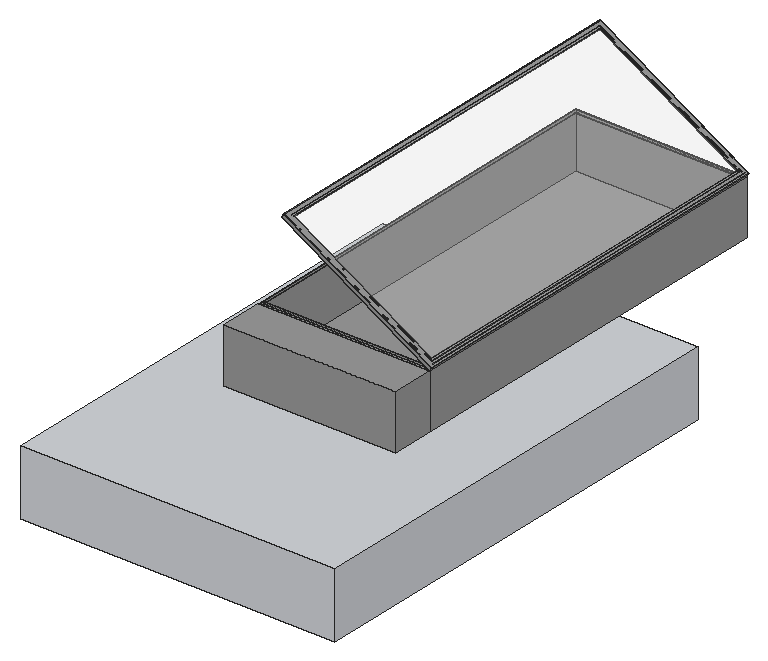
Revit family "Hager-Univers-IP55-D275-H2050-Cl.I-Steel_encl-NoHosted-CH-de", category Equipement électrique, Revit 2020
Family settings
  Hôte = Face
  Configuration du panneau = Deux colonnes, circuits au sein
  Cote de connecteur circulaire = Utiliser le diamètre
  Type d'élément = Tableau de raccordement
  Couper avec des vides une fois chargée = Non
  Partagée = Non
  Point de calcul de pièce = Non
Parameters (values of type "Bodenaufstellung IP55 B800 H2050 T275  - FR23K2")
  Width Control [instance] = if([EF000008 - Breite] > Min Width, [EF000008 - Breite], Min Width)  # 800 mm
  Commentaires du type = [HG000003 - Bereich]  # "Univers"
  Thickness Door [instance] = if([EF009171 - Materialstärke Tür/Deckel] > 3 mm, 3 mm, [EF009171 - Materialstärke Tür/Deckel])  # 1.5 mm
  Seal Frame Offset [instance] = 17 mm  # constant formula
  Plinth Visibility [instance] = [HG000027 - Sockelhöhe] > 0 mm  # yes
  Model = ""
  Min Width [instance] = 100 mm  # constant formula
  Min Height [instance] = 100 mm  # constant formula
  Min Depth [instance] = (2 * [EF009170 - Materialstärke Gehäuse]) + 1 mm  # 4 mm
  Internal Frame Depth [instance] = (Door System Depth * 0.5)  # 9 mm
  Height Control [instance] = if([EF000040 - Höhe] > Min Height, [EF000040 - Höhe], Min Height)  # 2050 mm
  HG000027 - Sockelhöhe = 200 mm
  HG000026 - Stehend auf dem Boden = yes
  HG000024 - Höhe des unteren Teils = 800 mm
  HG000023 - Gehäuse mit doppeltem Querschnitt = no
  HG000016 - 3D-Türsichtbarkeit [instance] = yes
  HG000015 - Sichtbarkeit der Türöffnung [instance] = no
  HG000014 - Tür rechts [instance] = yes
  HG000013 - Tür links [instance] = not([HG000014 - Tür rechts])  # no
  HG000012 - Türschwenkwinkel [instance] = 30.00°
  HG000010 - Asymmetrische Türen = no
  HG000009 - Doppelflügeligen Tür = no
  HG000006 - Unterputz = no
  HG000004 - Herstellerreferenz = "FR23K2"
  HG000003 - Bereich = "Univers"
  HG000002 - Mit tür = yes
  Frame Offset Bottom [instance] = 10 mm  # constant formula
  Frame Offset [instance] = 15 mm  # constant formula
  EF015940 - Deckel mit Überdruckentlastung = no
  EF011959 - Schutzart (NEMA) = ""
  EF009554 - Anzahl der Öffnungen für Flanschplatten = 6
  Fabricant = "Hager"  # constant formula
  EF009212 - Ausführung Deckel = "EV000116 - geschlossen"
  EF009171 - Materialstärke Tür/Deckel = 1.5 mm
  EF009170 - Materialstärke Gehäuse = 1.5 mm
  EF008873 - Nennstrom (In) = 800 A
  EF007800 - Geeignet für Blitzschutz = no
  EF006306 - Mit Schloss = no
  EF006244 - Transparenter Deckel/Tür = yes
  EF005474 - Schutzart (IP) = "EV006420 - IP55"
  EF004464 - Art der Tür = "EV002646 - Einzel"
  EF004427 - Anzahl der Module = 432
  EF004293 - Schlagfestigkeit = "EV008784 - IK10"
  EF003532 - Geeignet für Außengebrauch = no
  EF002950 - Breite in Teilungseinheiten = 24
  EF001613 - Funktionserhalt = "EV000494 - ohne"
  EF001596 - Werkstoff des Gehäuses = "EV000179 - Stahl"
  EF001131 - Innentiefe = 275 mm
  EF001088 - Anbaumöglichkeit = yes
  EF000437 - Anzahl der Leitungseinführungen = 6
  EF000339 - Art der Abdeckung = "EV004216 - Tür"
  EF000266 - Anzahl der Reihen = 12
  EF000218 - Einbautiefe = 0 mm
  EF000118 - Mit Montageplatte = no
  EF000116 - RAL-Nummer = "7035"
  EF000049 - Tiefe = 275 mm
  EF000040 - Höhe = 2050 mm
  EF000008 - Breite = 800 mm
  EF000007 - Farbe = "EV000270 - grau"
  EF000003 - Montageart = "EV012274 - Bodenaufstellung"
  Door System Leaf Tolerance [instance] = 1.5 mm  # constant formula
  Door System Depth [instance] = 18 mm  # constant formula
  Door Height [instance] = Height Control - [HG000027 - Sockelhöhe]  # 1850 mm
  Depth Control [instance] = if([EF000049 - Tiefe] > Min Depth, [EF000049 - Tiefe], Min Depth)  # 275 mm
  Default Elevation = 0 mm
  Connector Offset [instance] = Height Control / 2  # 1025 mm
  Bottom Top Plate Trim [instance] = 1.5 mm  # constant formula
  Plinth height Ctrl [instance] = if([HG000027 - Sockelhöhe] > 0 mm, [HG000027 - Sockelhöhe], 12 mm)  # 200 mm
Types (11, lengths in mm): name | Width Control | HG000010 - Asymmetrische Türen | HG000009 - Doppelflügeligen Tür | HG000004 - Herstellerreferenz | EF009554 - Anzahl der Öffnungen für Flanschplatten | EF006244 - Transparenter Deckel/Tür | EF004464 - Art der Tür | EF004427 - Anzahl der Module | EF000437 - Anzahl der Leitungseinführungen | EF000008 - Breite
  Bodenaufstellung IP55 B1050 H2050 T275  - FR24E2 | 1050 | yes | yes | "FR24E2" | 8 | no | "EV003602 - Doppel" | 576 | 8 | 1050
  Bodenaufstellung IP55 B1050 H2050 T275  - FR24K2 | 1050 | yes | yes | "FR24K2" | 8 | yes | "EV003602 - Doppel" | 576 | 8 | 1050
  Bodenaufstellung IP55 B1300 H2050 T275  - FR25E2 | 1300 | yes | yes | "FR25E2" | 10 | no | "EV003602 - Doppel" | 720 | 10 | 1300
  Bodenaufstellung IP55 B1300 H2050 T275  - FR25K2 | 1300 | yes | yes | "FR25K2" | 10 | yes | "EV003602 - Doppel" | 720 | 10 | 1300
  Bodenaufstellung IP55 B1550 H2050 T275  - FR26E2 | 1550 | yes | yes | "FR26E2" | 12 | no | "EV003602 - Doppel" | 864 | 12 | 1550
  Bodenaufstellung IP55 B1550 H2050 T275  - FR26K2 | 1550 | yes | yes | "FR26K2" | 12 | yes | "EV003602 - Doppel" | 864 | 12 | 1550
  Bodenaufstellung IP55 B300 H2050 T275  - FR21E2 | 300 | no | no | "FR21E2" | 2 | no | "EV002646 - Einzel" | 144 | 2 | 300
  Bodenaufstellung IP55 B550 H2050 T275  - FR22E2 | 550 | no | no | "FR22E2" | 4 | no | "EV002646 - Einzel" | 288 | 4 | 550
  Bodenaufstellung IP55 B550 H2050 T275  - FR22K2 | 550 | no | no | "FR22K2" | 4 | yes | "EV002646 - Einzel" | 288 | 4 | 550
  Bodenaufstellung IP55 B800 H2050 T275  - FR23E2 | 800 | no | no | "FR23E2" | 6 | no | "EV002646 - Einzel" | 432 | 6 | 800
  Bodenaufstellung IP55 B800 H2050 T275  - FR23K2 | 800 | no | no | "FR23K2" | 6 | yes | "EV002646 - Einzel" | 432 | 6 | 800
Reference planes
  plane 1 "Center (Front/Back)": y = 0
  plane 2: z = 0
  plane 3 "Center (Left/Right)": x = 0
  plane 4: z = 275
  plane 5: y = 201.5
  plane 6: y = 1125
  plane 7: y = 200
  plane 8: y = 2050
  plane 9: z = 0
  plane 10: x = -385
  plane 11: x = 385
  plane 12: x = 383.5
  plane 13: x = -383.5
  plane 14: y = 2048.5
  plane 15: x = -383
  plane 16: x = -400
  plane 17: x = 383
  plane 18: x = 400
  plane 19: x = 398.5
  plane 20: x = -398.5
  plane 21: y = 211.5
  plane 22: y = 2050
  plane 23: y = 2033.5
  plane 24: z = 257
  plane 25: z = 1.5
  plane 26: z = 255.5
  plane 27: z = 273.5
Forms (mm)
  Extrusion 1, solid
    sketch origin (0, 0, 0) x (1, 0, 0) y (0, 1, 0)
      loop
        line (-702.964, 1305) -> (-702.964, -811.445) -> (766.763, -811.445) -> (766.763, 1305) -> (-702.964, 1305)
    from 0 to -304.8
  Extrusion 2, solid, material "Hager_Steel_RAL7035_Light_Grey", visible <- "Plinth Visibility", detail levels medium+fine
    sketch origin (0, 0, 0) x (1, 0, 0) y (0, 1, 0)
      loop
        line (-400, 0) -> (400, 0) -> (400, 200) -> (-400, 200) -> (-400, 0)
    from 0 to 257
  Extrusion 3, solid, material "Hager_Steel_RAL7035_Light_Grey", detail levels medium+fine
    sketch origin (0, 0, 0) x (1, 0, 0) y (0, 1, 0)
      loop
        line (-400, 200) -> (400, 200) -> (400, 2050) -> (-400, 2050) -> (-400, 200)
    from 0 to 257
  Extrusion 4, void
    sketch origin (0, 0, 0) x (1, 0, 0) y (0, 1, 0)
      loop
        line (-398.5, 201.5) -> (398.5, 201.5) -> (398.5, 2048.5) -> (-398.5, 2048.5) -> (-398.5, 201.5)
    from 1.5 to 255.5
  Extrusion 5, void
    sketch origin (-381.607, -4572, 257) x (0, -1, 0) y (-1, 0, 0)
      loop
        line (-4783.5, 1.893) -> (-6605.5, 1.893) -> (-6605.5, -765.107) -> (-4783.5, -765.107) -> (-4783.5, 1.893)
    from 0 to 1.5 <- "EF009170 - Materialstärke Gehäuse"
  Extrusion 6, solid, material "Hager_Steel_RAL7035_Light_Grey", detail levels fine
    sketch origin (0, 0, 257) x (1, 0, 0) y (0, 1, 0)
      loop
        line (-383.5, 2033.5) -> (-383.5, 211.5) -> (383.5, 211.5) -> (383.5, 2033.5) -> (-383.5, 2033.5)
      loop
        line (-385, 210) -> (385, 210) -> (385, 2035) -> (-385, 2035) -> (-385, 210)
    from 0 to 9 <- "Internal Frame Depth"
  Extrusion 7, solid, material "Hager_Steel_RAL7035_Light_Grey", detail levels coarse
    sketch origin (0, 0, 0) x (1, 0, 0) y (0, 1, 0)
      loop
        line (-400, 0) -> (400, 0) -> (400, 2050) -> (-400, 2050) -> (-400, 0)
    from 0 to 275
  Sweep 8, void
    path in 3D
      loop
        line (-400, 200, 0) -> (400, 200, 0) -> (400, 200, 257) -> (-400, 200, 257) -> (-400, 200, 0)
    profile origin (-400, 200, 128.5) x (-1, 0, 0) y (0, -1, 0)
      loop
        line (0, 0) -> (0, 1.5) -> (-1.5, 1.5)
        arc (-1.5, 1.5) -> (-1.061, 0.439) -> (0, 0) r 1.5
Cuts and joins
  Extrusion 4, Extrusion 5 cuts Extrusion 3
  Sweep 8 cuts Extrusion 2
Lines and regions (mm)
  Masking region 1
    outline origin (0, 0, 0) x (1, 0, 0) y (0, 0, 1)
      loop
        line (-400, 275) -> (-400, 0) -> (400, 0) -> (400, 275) -> (-400, 275)
  Masking region 2, detail levels medium+fine
    outline origin (0, 140, 0) x (0, 1, 0) y (0, 0, 1)
      loop
        line (60, 0) -> (1910, 0) -> (1910, 257) -> (60, 257) -> (60, 0)
  Masking region 3, not visible, detail levels medium+fine
    outline origin (0, 297.922, 0) x (0, 1, 0) y (0, 0, 1)
      loop
        line (838.578, 0) -> (878.578, 0) -> (878.578, 263.5)
        arc (878.578, 263.5) -> (875.649, 270.571) -> (868.578, 273.5) r 10
        line (868.578, 273.5) -> (838.578, 273.5) -> (838.578, 0)
  Masking region 4, detail levels coarse
    outline origin (0, 0, 180) x (0, 1, 0) y (0, 0, 1)
      loop
        line (0, -180) -> (2050, -180) -> (2050, 95) -> (0, 95) -> (0, -180)
  Masking region 5, visible <- "Plinth Visibility", detail levels medium+fine
    outline origin (0, 52.24, 12.345) x (0, 0, -1) y (0, 1, 0)
      loop
        line (10.845, 147.76) -> (-243.155, 147.76)
        arc (-243.155, 147.76) -> (-243.594, 146.699) -> (-244.655, 146.26) r 1.5
        line (-244.655, 146.26) -> (-244.655, -52.24) -> (12.345, -52.24) -> (12.345, 146.26)
        arc (12.345, 146.26) -> (11.285, 146.699) -> (10.845, 147.76) r 1.5
  Masking region 6, detail levels medium+fine
    outline origin (-381.607, -4572, 257) x (-1, 0, 0) y (0, -1, 0)
      loop
        line (18.393, -6622) -> (18.393, -4772) -> (-781.607, -4772) -> (-781.607, -6622) -> (18.393, -6622)
  Masking region 7, visible <- "Plinth Visibility", detail levels medium+fine
    outline origin (-381.607, -4727, 257) x (-1, 0, 0) y (0, -1, 0)
      loop
        arc (16.893, -4927) -> (17.332, -4925.939) -> (18.393, -4925.5) r 1.5
        line (18.393, -4925.5) -> (18.393, -4727) -> (-781.607, -4727) -> (-781.607, -4925.5)
        arc (-781.607, -4925.5) -> (-780.546, -4925.939) -> (-780.107, -4927) r 1.5
        line (-780.107, -4927) -> (16.893, -4927)
  Masking region 8, detail levels coarse
    outline origin (-442.548, -4669.526, 257) x (-1, 0, 0) y (0, -1, 0)
      loop
        line (-42.548, -6719.526) -> (-42.548, -4669.526) -> (-842.548, -4669.526) -> (-842.548, -6719.526) -> (-42.548, -6719.526)
  sketch lines
    curve 1: line (-400, 200, 257) -> (-400, 200, 0)
    curve 2: line (400, 200, 257) -> (-400, 200, 257)
    curve 3: line (400, 200, 257) -> (400, 200, 0)
    curve 4: line (-400, 200, 0) -> (400, 200, 0)
Dimensions and locks
  "Depth Control": plane 4 to Extrusion 1
  "HG000027 - Sockelhöhe": plane 1 "Center (Front/Back)" to plane 7
  "EF009170 - Materialstärke Gehäuse": plane 5 to plane 7
  locked: connector elem to plane 3 "Center (Left/Right)"
  equal spacing: plane 8, plane 6, plane 7
  locked: connector elem to plane 6
  "EF009170 - Materialstärke Gehäuse": plane 8 to plane 14
  "EF009170 - Materialstärke Gehäuse": plane 10 to plane 13
  "EF009170 - Materialstärke Gehäuse": plane 12 to plane 11
  "Frame Offset": plane 20 to plane 13
  "Frame Offset": plane 12 to plane 19
  "EF009170 - Materialstärke Gehäuse": plane 16 to plane 20
  "EF009170 - Materialstärke Gehäuse": plane 19 to plane 18
  "Seal Frame Offset": plane 16 to plane 15
  "Seal Frame Offset": plane 17 to plane 18
  "Frame Offset Bottom": plane 21 to plane 5
  "Frame Offset": plane 14 to plane 23
  equal spacing: plane 16, plane 3 "Center (Left/Right)", plane 18
  "Width Control": plane 16 to plane 18
  "EF009170 - Materialstärke Gehäuse": plane 4 to plane 27
  "EF009170 - Materialstärke Gehäuse": plane 24 to plane 26
  "EF009170 - Materialstärke Gehäuse": plane 25 to level
  "Door System Depth": plane 4 to plane 24
  "Height Control": plane 1 "Center (Front/Back)" to Extrusion 7 sketch curve
  "Height Control": Masking region 4 sketch curve to plane 1 "Center (Front/Back)"
  "Height Control": plane 1 "Center (Front/Back)" to plane 22
  "Bottom Top Plate Trim": profile plane to Sweep 8 sketch curve
  "Bottom Top Plate Trim": Sweep 8 sketch curve to profile plane
  "Plinth height Ctrl": plane 1 "Center (Front/Back)" to Extrusion 2 sketch curve
  "Plinth height Ctrl": Masking region 5 sketch curve to plane 1 "Center (Front/Back)"
  "Plinth height Ctrl": plane 1 "Center (Front/Back)" to Masking region 7 sketch curve
  "Thickness Door": Extrusion 6 sketch curve to Extrusion 6 sketch curve  (x3)
  "Thickness Door": cut or joined group of Extrusion 3, Extrusion 4, Extrusion 5 to Extrusion 6 sketch curve
  radius of Masking region 3 sketch curve = 10 mm
  "Bottom Top Plate Trim": radius of Masking region 5 sketch curve  (x2)
  "Bottom Top Plate Trim": radius of Sweep 8 sketch curve
  "Bottom Top Plate Trim": radius of Masking region 7 sketch curve  (x2)
  aligned and locked: plane 2 to Extrusion 1
  aligned and locked: level to Extrusion 1
  aligned and locked: level to Masking region 1 sketch curve
  aligned and locked: Masking region 1 sketch curve to plane 18
  aligned and locked: Masking region 1 sketch curve to plane 16
  aligned and locked: plane 7 to Masking region 2 sketch curve
  aligned and locked: level to Masking region 3 sketch curve
  aligned and locked: Masking region 3 sketch curve to plane 27
  aligned and locked: level to Masking region 2 sketch curve
  aligned and locked: plane 1 "Center (Front/Back)" to Extrusion 2 sketch curve
  aligned and locked: Extrusion 3 sketch curve to plane 7
  aligned and locked: plane 16 to Extrusion 3 sketch curve
  aligned and locked: plane 18 to Extrusion 3 sketch curve
  aligned and locked: plane 20 to Extrusion 4 sketch curve
  aligned and locked: plane 19 to Extrusion 4 sketch curve
  aligned and locked: Extrusion 4 sketch curve to plane 5
  aligned and locked: Extrusion 4 to plane 25
  aligned and locked: plane 26 to Extrusion 4
  aligned and locked: plane 24 to Extrusion 3
  aligned and locked: Extrusion 5 sketch curve to plane 21
  aligned and locked: Extrusion 5 sketch curve to plane 13
  aligned and locked: Extrusion 5 sketch curve to plane 12
  aligned and locked: plane 18 to Extrusion 7 sketch curve
  aligned and locked: plane 1 "Center (Front/Back)" to Extrusion 7 sketch curve
  aligned and locked: plane 16 to Extrusion 7 sketch curve
  aligned and locked: plane 4 to Extrusion 7
  aligned and locked: Extrusion 7 to level
  aligned and locked: level to Masking region 4 sketch curve
  aligned and locked: Masking region 4 sketch curve to plane 1 "Center (Front/Back)"
  aligned and locked: Masking region 4 sketch curve to plane 4
  aligned and locked: nested 1 to level
  aligned and locked: nested 1 to plane 16
  aligned and locked: plane 8 to Extrusion 3 sketch curve
  aligned and locked: plane 23 to Extrusion 5 sketch curve
  aligned and locked: plane 14 to Extrusion 4 sketch curve
  aligned and locked: Masking region 2 sketch curve to plane 8
  aligned and locked: level to Masking region 5 sketch curve
  aligned and locked: plane 16 to Extrusion 2 sketch curve
  aligned and locked: plane 18 to Extrusion 2 sketch curve
  aligned and locked: Masking region 5 sketch curve to plane 24
  aligned and locked: Masking region 2 sketch curve to plane 24
  aligned and locked: plane 24 to Extrusion 2
  aligned and locked: profile plane to Sweep 8 sketch curve  (x2)
  aligned and locked: Masking region 6 sketch curve to plane 18
  aligned and locked: Masking region 6 sketch curve to plane 22
  aligned and locked: Masking region 6 sketch curve to plane 16
  aligned and locked: plane 8 to plane 22
  aligned and locked: Masking region 6 sketch curve to plane 7
  aligned and locked: Masking region 7 sketch curve to plane 16
  aligned and locked: Masking region 7 sketch curve to plane 1 "Center (Front/Back)"
  aligned and locked: Masking region 7 sketch curve to plane 18
  aligned and locked: Masking region 8 sketch curve to plane 1 "Center (Front/Back)"
  aligned and locked: Masking region 8 sketch curve to plane 18
  aligned and locked: Masking region 8 sketch curve to plane 22
  aligned and locked: Masking region 8 sketch curve to plane 16
  aligned and locked: nested 2 to plane 7
  aligned and locked: plane 3 "Center (Left/Right)" to nested 2
  aligned and locked: nested 2 to plane 24
  aligned and locked: Extrusion 6 sketch curve to cut or joined group of Extrusion 3, Extrusion 4, Extrusion 5  (x4)
Automatic sketch dimensions
  Extrusion 1 sketch curve to Extrusion 1 sketch curve = 1469.727 mm
  Extrusion 1 sketch curve to Extrusion 1 sketch curve = 2116.445 mm
  Masking region 1 sketch curve to plane 4 = 0 mm
  plane 6 to Masking region 3 sketch curve = 11.5 mm
  Masking region 3 sketch curve to Masking region 3 sketch curve = 30 mm
  Masking region 5 sketch curve to plane 1 "Center (Front/Back)" = 0 mm
Nested families
  nested 1: "Hager_Enclosure_Symbol" at (-400, 0, 0) x (1, 0, 0) z (0, -1, 0), Height <- "Depth Control", Width <- "Width Control", type "Hager_Enclosure_Symbol"
    with Width_Ctrl 800 mm, Width 800 mm, Height_Ctrl 275 mm, Height 275 mm, A_Width_Int 18.047 mm, A_Width 216.562 mm, A_Height_Ctrl 240.625 mm, A_Height 240.625 mm
  nested 2: "EC000058_Univers_Door" at (0, 200, 257) x (1, 0, 0) z (0, 1, 0), Leaf_Tolerance <- "Door System Leaf Tolerance", Angle <- "HG000012 - Türschwenkwinkel", Door_Depth <- "Door System Depth", Door_Left <- "HG000013 - Tür links", Transparent <- "EF006244 - Transparenter Deckel/Tür", Assymetrical <- "HG000010 - Asymmetrische Türen", Width <- "Width Control", Clearance <- "HG000015 - Sichtbarkeit der Türöffnung", Double <- "HG000009 - Doppelflügeligen Tür", 3d_Door <- "HG000016 - 3D-Türsichtbarkeit", Lock_Visibility <- "EF006306 - Mit Schloss", Width_Ctrl <- "Width Control", Door_Right <- "HG000014 - Tür rechts", Door <- "HG000002 - Mit tür", Height <- "Door Height", Thickness <- "Thickness Door", type "EC000058_Univers_Door", detail levels medium+fine
    with min_wh 4 mm, Width_Ctrl 800 mm, Width 800 mm, Transparent yes, Thickness 1.5 mm, Seal_Material Hager_Rubber, Lock_Visibility no, Lock_Material Hager_Plastic_RAL9005_Jet_Black, Leaf_Width 800 mm, Leaf_Tolerance_External_Sides 0 mm, Leaf_Tolerance 1.5 mm, Leaf_Offset 0 mm, Leaf_Height 1847 mm, Leaf_2_Width 800 mm, Leaf_2_Offset 400 mm, Leaf_1_Width 800 mm, Leaf_1_Offset 400 mm, Height_Ctrl 1850 mm, Height 1850 mm, Glass_Material Hager_Glass, Double_Clearance_Ctrl no, Double no, Door_Right_Ctrl yes, Door_Right yes, Door_Material Hager_Steel_RAL7035_Light_Grey, Door_Left_Ctrl no, Door_Left no, Door_Depth 18 mm, Door yes, Clearance_Material Hager_Clearance, Clearance_Depth 800 mm, Clearance_Ctrl no, Clearance no, Assymetrical no, Angle 30.00°, 3d_Door yes
Connectors
  electrical at (0, 1125, 0)
    settings: on plane 9, index 1, voltage 0 V, apparent load 0 VA, apparent load phase1 0 VA, apparent load phase2 0 VA, apparent load phase3 0 VA, power factor 1, load classification "Other", number of poles 1, system type 30, power factor state 1, is connector primary yes, connector utility no, sub classification motor no, connector description ""
Definition of nested family "EC000058_Univers_Door"
  Parameters (values of type "EC000058_Univers_Door")
    min_wh [instance] = (2 * Thickness) + 1 mm  # 11 mm
    Width_Ctrl [instance] = 400 mm
    Width [instance] = 500 mm
    Transparent [instance] = yes
    Thickness [instance] = 5 mm
    Seal_Material [instance] = none
    Lock_Visibility [instance] = yes
    Lock_Material [instance] = none
    Leaf_Width [instance] = if((Width_Ctrl - 2 * Leaf_Tolerance_External_Sides) > 0 mm, (Width_Ctrl - 2 * Leaf_Tolerance_External_Sides), min_wh)  # 400 mm
    Leaf_Tolerance_External_Sides [instance] = 0 mm  # constant formula
    Leaf_Tolerance [instance] = 1.5 mm
    Leaf_Offset [instance] = 0 mm  # constant formula
    Leaf_Height [instance] = if((Height_Ctrl - 2 * Leaf_Tolerance) > 0 mm, (Height_Ctrl - 2 * Leaf_Tolerance), min_wh)  # 497 mm
    Leaf_2_Width [instance] = if(and(and(Double, Assymetrical), Door_Left), (Leaf_Width / 3) - (Leaf_Tolerance / 2), if(and(and(Double, Assymetrical), Door_Right), (Leaf_Width / 3) * 2 - (Leaf_Tolerance / 2), if(and(Double, not(Assymetrical)), (Leaf_Width / 2) - Leaf_Tolerance, Leaf_Width)))  # 400 mm
    Leaf_2_Offset [instance] = if(and(Double, Assymetrical), Leaf_2_Width / 2, if(and(Double, not(Assymetrical)), Leaf_Width / 4, Leaf_Width / 2))  # 200 mm
    Leaf_1_Width [instance] = if(and(and(Double, Assymetrical), Door_Right), (Leaf_Width / 3) - (Leaf_Tolerance / 2), if(and(and(Double, Assymetrical), Door_Left), (Width / 3) * 2 - (Leaf_Tolerance / 2), if(and(Double, not(Assymetrical)), (Leaf_Width / 2) - Leaf_Tolerance, Leaf_Width)))  # 400 mm
    Leaf_1_Offset [instance] = if(and(Double, Assymetrical), Leaf_1_Width / 2, if(and(Double, not(Assymetrical)), Leaf_Width / 4, Leaf_Width / 2))  # 200 mm
    Height_Ctrl [instance] = if(Height > min_wh, Height, min_wh)  # 500 mm
    Height [instance] = 500 mm
    Glass_Material [instance] = none
    Double_Clearance_Ctrl [instance] = and(Double, Clearance)  # no
    Double [instance] = no
    Door_Right_Ctrl [instance] = and(or(Door_Right, Double), Door)  # yes
    Door_Right [instance] = yes
    Door_Material [instance] = none
    Door_Left_Ctrl [instance] = and(or(Door_Left, Double), Door)  # no
    Door_Left [instance] = no
    Door_Depth [instance] = 30 mm
    Door [instance] = yes
    Default Elevation = 1219.2 mm
    Clearance_Material [instance] = none
    Clearance_Depth [instance] = if(Leaf_1_Width > Leaf_2_Width, Leaf_1_Width, Leaf_2_Width)  # 400 mm
    Clearance_Ctrl [instance] = and(not(Double), Clearance)  # yes
    Clearance [instance] = yes
    Assymetrical [instance] = yes
    Angle [instance] = 30.00°
    3d_Door [instance] = yes
  Reference planes
    plane 1 "Center (Front/Back)": y = 0
    plane 2 "Bottom": z = 0
    plane 3 "Center (Left/Right)": x = 0
    plane 4: z = 500
    plane 5: x = -200
    plane 6: x = 200
    plane 7: z = 500
    plane 8: x = -200
    plane 9: z = 0
    plane 10: x = 200
    plane 11: y = 0
    plane 12: z = 1.5
    plane 13: x = -600
    plane 14: y = -400
    plane 15: x = 600
    plane 16: x = 0
    plane 17: x = 0
    plane 18: x = -200
    plane 19: x = 200
    plane 20: z = 498.5
  Forms (mm)
    Extrusion 1, solid, material <- "Clearance_Material", visible <- "Double_Clearance_Ctrl"
      sketch origin (1200, 0, 0) x (1, 0, 0) y (0, 0, -1)
        loop
          line (-1800, -498.5) -> (-600, -498.5) -> (-600, 0) -> (-1800, 0) -> (-1800, -498.5)
      from 0 to -400
  Dimensions and locks
    equal spacing: plane 5, plane 3 "Center (Left/Right)", plane 6
    "Width_Ctrl": plane 5 to plane 6
    "Leaf_Offset": plane 5 to plane 8
    "Leaf_Offset": plane 6 to plane 10
    "Leaf_Offset": plane 9 to level
    "Leaf_Offset": plane 4 to plane 7
    "Height_Ctrl": plane 4 to level
    "Leaf_Tolerance": plane 12 to plane 9
    locked: plane 11 to plane 1 "Center (Front/Back)"
    "Leaf_1_Offset": plane 18 to plane 16
    "Leaf_2_Offset": plane 17 to plane 19
    "Leaf_1_Width": plane 13 to plane 8
    "Leaf_2_Width": plane 10 to plane 15
    "Clearance_Depth": plane 14 to plane 1 "Center (Front/Back)"
    "Leaf_Tolerance_External_Sides": plane 8 to plane 18
    "Leaf_Tolerance_External_Sides": plane 19 to plane 10
    "Leaf_Tolerance": plane 7 to plane 20
    aligned and locked: level to plane 2 "Bottom"
    aligned and locked: nested 1 to plane 16
    aligned and locked: nested 2 to plane 17
    aligned and locked: Extrusion 1 to plane 13
    aligned and locked: plane 15 to Extrusion 1
    aligned and locked: Extrusion 1 to plane 14
    aligned and locked: plane 12 to nested 1
    aligned and locked: nested 2 to plane 12
    aligned and locked: Extrusion 1 to plane 11
    aligned and locked: plane 20 to Extrusion 1
    aligned and locked: nested 2 to plane 11
    aligned and locked: nested 1 to plane 11
  Automatic sketch dimensions
    Extrusion 1 sketch curve to level = 0 mm
    plane 5 to Extrusion 1 sketch curve = 400 mm
    plane 6 to Extrusion 1 sketch curve = 400 mm
    Extrusion 1 sketch curve to plane 4 = 1.5 mm
  Nested families
    nested 1: "EC000058_Univers_Door_Leaf" at (0, 0, 1.5), Width <- "Leaf_1_Width", visible <- "Door_Left_Ctrl", Leaf_Height <- "Leaf_Height", Angle <- "Angle", 3d_Door <- "3d_Door", Transparent <- "Transparent", Clearance Material <- "Clearance_Material", Clearance <- "Clearance_Ctrl", Door_Material <- "Door_Material", Glass_Material <- "Glass_Material", Door_Depth <- "Door_Depth", Lock_Material <- "Lock_Material", Seal_Material <- "Seal_Material", Lock_Visibility <- "Lock_Visibility", Thickness <- "Thickness", type "EC000058_Univers_Door_Leaf"
      with Width 400 mm, Transparent_Glass_Offset 30 mm, Transparent_Ctrl yes, Transparent yes, Thickness 5 mm, Standard no, Seal_Material none, Seal_D2 8 mm, Seal_D1 1 mm, Offset_Internal_Frame 10 mm, Lock_Width 20 mm, Lock_Visibility_3d yes, Lock_Visibility yes, Lock_Thickness_3 3 mm, Lock_Thickness_2 1 mm, Lock_Thickness_1 3 mm, Lock_Radius_Offset_2 16 mm, Lock_Radius_Offset_1 15 mm, Lock_Radius_2 5 mm, Lock_Radius 6 mm, Lock_Offset 5 mm, Lock_Material none, Lock_Height 80 mm, Lock_Cover_Top_Offset_2d 17 mm, Lock_Cover_Height -65 mm, Leaf_Height 497 mm, Internal_Seal_Thickness 8 mm, Internal_Seal_Depth_2 4.5 mm, Internal_Frame_Depth 25 mm, Glass_Thickness -1 mm, Glass_Offset -2 mm, Glass_Material none, Door_Material none, Door_Depth 30 mm, Clearance Material none, Clearance yes, Angle_Ctrl 30.00°, Angle 30.00°, 3d_Door yes
    nested 2: "EC000058_Univers_Door_Leaf" at (0, 0, 1.5) x (-1, 0, 0) z (0, 0, 1), Width <- "Leaf_2_Width", visible <- "Door_Right_Ctrl", Leaf_Height <- "Leaf_Height", Angle <- "Angle", 3d_Door <- "3d_Door", Transparent <- "Transparent", Clearance Material <- "Clearance_Material", Clearance <- "Clearance_Ctrl", Door_Material <- "Door_Material", Glass_Material <- "Glass_Material", Door_Depth <- "Door_Depth", Lock_Material <- "Lock_Material", Seal_Material <- "Seal_Material", Lock_Visibility <- "Lock_Visibility", Thickness <- "Thickness", type "EC000058_Univers_Door_Leaf"
      with Width 400 mm, Transparent_Glass_Offset 30 mm, Transparent_Ctrl yes, Transparent yes, Thickness 5 mm, Standard no, Seal_Material none, Seal_D2 8 mm, Seal_D1 1 mm, Offset_Internal_Frame 10 mm, Lock_Width 20 mm, Lock_Visibility_3d yes, Lock_Visibility yes, Lock_Thickness_3 3 mm, Lock_Thickness_2 1 mm, Lock_Thickness_1 3 mm, Lock_Radius_Offset_2 16 mm, Lock_Radius_Offset_1 15 mm, Lock_Radius_2 5 mm, Lock_Radius 6 mm, Lock_Offset 5 mm, Lock_Material none, Lock_Height 80 mm, Lock_Cover_Top_Offset_2d 17 mm, Lock_Cover_Height -65 mm, Leaf_Height 497 mm, Internal_Seal_Thickness 8 mm, Internal_Seal_Depth_2 4.5 mm, Internal_Frame_Depth 25 mm, Glass_Thickness -1 mm, Glass_Offset -2 mm, Glass_Material none, Door_Material none, Door_Depth 30 mm, Clearance Material none, Clearance yes, Angle_Ctrl 30.00°, Angle 30.00°, 3d_Door yes
  Definition of nested family "EC000058_Univers_Door_Leaf"
    Parameters (values of type "EC000058_Univers_Door_Leaf")
      Width [instance] = 2000 mm
      Transparent_Glass_Offset [instance] = 30 mm
      Transparent_Ctrl [instance] = and(Transparent, [3d_Door])  # yes
      Transparent [instance] = yes
      Thickness [instance] = 5 mm
      Standard [instance] = and(not(Transparent), [3d_Door])  # no
      Seal_Material [instance] = none
      Seal_D2 [instance] = 8 mm  # constant formula
      Seal_D1 [instance] = 1 mm  # constant formula
      Offset_Internal_Frame [instance] = 10 mm  # constant formula
      Lock_Width [instance] = 20 mm  # constant formula
      Lock_Visibility_3d [instance] = and(Lock_Visibility, [3d_Door])  # yes
      Lock_Visibility [instance] = yes
      Lock_Thickness_3 [instance] = 3 mm  # constant formula
      Lock_Thickness_2 [instance] = 1 mm  # constant formula
      Lock_Thickness_1 [instance] = 3 mm  # constant formula
      Lock_Radius_Offset_2 [instance] = Lock_Radius_Offset_1 + 1 mm  # 16 mm
      Lock_Radius_Offset_1 [instance] = 15 mm  # constant formula
      Lock_Radius_2 [instance] = Lock_Radius - 1 mm  # 5 mm
      Lock_Radius [instance] = 6 mm  # constant formula
      Lock_Offset [instance] = 5 mm  # constant formula
      Lock_Material [instance] = none
      Lock_Height [instance] = 80 mm  # constant formula
      Lock_Cover_Top_Offset_2d [instance] = Lock_Radius_Offset_2 + 1 mm  # 17 mm
      Lock_Cover_Height [instance] = -(Lock_Height - Lock_Radius_Offset_1)  # -65 mm
      Leaf_Height [instance] = 2720.336 mm
      Internal_Seal_Thickness [instance] = 8 mm  # constant formula
      Internal_Seal_Depth_2 [instance] = 4.5 mm  # constant formula
      Internal_Frame_Depth [instance] = if(Door_Depth - Thickness > 5 mm, Door_Depth - Thickness, 5 mm)  # 25 mm
      Glass_Thickness [instance] = if(Thickness > 15 mm, Glass_Offset + 10 mm, -1 mm)  # -1 mm
      Glass_Offset [instance] = if(Thickness > 15 mm, -(Thickness + 10 mm) / 2, -2 mm)  # -2 mm
      Glass_Material [instance] = none
      Door_Material [instance] = none
      Door_Depth [instance] = 30 mm
      Default Elevation = 0 mm
      Clearance Material [instance] = none
      Clearance [instance] = yes
      Angle_Ctrl [instance] = if(Angle > 180.00°, 180.00°, Angle)  # 90.00°
      Angle [instance] = 90.00°
      3d_Door [instance] = yes
    Reference planes
      plane 1 "Center (Front/Back)": y = 0
      plane 2: z = 0
      plane 3 "Center (Left/Right)": x = 0
      plane 4: y = 2000
      plane 5: x = -1000
      plane 6: x = 1000
      plane 7: x = -3000
      plane 8: z = 2720.336
      plane 9: z = 30
      plane 10: z = 2690.336
      plane 11: x = 970
      plane 12: x = -970
      plane 13: y = -3
      plane 14: z = 107.833
      plane 15: y = -5
      plane 16: y = -223.314
      plane 17: x = -1000
      plane 18: z = 1360.168
      plane 19: y = 30
    Forms (mm)
      Extrusion 1, solid, material <- "Clearance Material", visible <- "Clearance"
        sketch origin (0, 0, 0) x (1, 0, 0) y (0, 0, 1)
          loop
            line (-3000, 2720.336) -> (-3000, 0) -> (1000, 0) -> (1000, 2720.336) -> (-3000, 2720.336)
        from 0 to -2000
      Extrusion 2, solid, material <- "Door_Material", visible <- "Standard", detail levels medium+fine
        sketch origin (-1000, 0, 0) x (0, 1, 0) y (-1, 0, 0)
          loop
            line (0, 30) -> (0, 25) -> (2000, 25) -> (2000, 30) -> (0, 30)
        from 0 to 2720.336 <- "Leaf_Height"
      Extrusion 3, solid, material <- "Door_Material", visible <- "Transparent_Ctrl", detail levels medium+fine
        sketch origin (-1000, 0, 0) x (0, 1, 0) y (-1, 0, 0)
          loop
            line (0, 25) -> (2000, 25) -> (2000, 30) -> (0, 30) -> (0, 25)
        from 0 to 2720.336 <- "Leaf_Height"
      Extrusion 4, void
        sketch origin (-1025, 2000, 0) x (0, 1, 0) y (0, 0, -1)
          loop
            line (-30, -2690.336) -> (-30, -30) -> (-1970, -30) -> (-1970, -2690.336) -> (-30, -2690.336)
        from 0 to 5 <- "Thickness"
      Sweep 5, solid, material <- "Seal_Material", visible <- "Transparent_Ctrl", detail levels fine
        path in 3D
          loop
            line (-1025, 30, 30) -> (-1025, 30, 2690.336) -> (-1025, 1970, 2690.336) -> (-1025, 1970, 30) -> (-1025, 30, 30)
        profile origin (-1025, 1000, 30) x (1, 0, 0) y (0, 0, 1)
          loop
            line (0, 0) -> (0, -8) -> (1, -8) -> (1, 0) -> (0, 0)
      Extrusion 6, solid, material <- "Glass_Material", visible <- "Transparent_Ctrl", detail levels medium+fine
        sketch origin (-1030, 0, 0) x (0, 1, 0) y (0, 0, -1)
          loop
            line (1970, -2690.336) -> (1970, -30) -> (30, -30) -> (30, -2690.336) -> (1970, -2690.336)
        from -2 <- "Glass_Offset" to -1 <- "Glass_Thickness"
      Extrusion 7, solid, material <- "Door_Material", visible <- "3d_Door", detail levels medium+fine
        sketch origin (-1025, 2000, 0) x (0, -1, 0) y (0, 0, -1)
          loop
            line (0, -2720.336) -> (2000, -2720.336) -> (2000, 0) -> (0, 0) -> (0, -2720.336)
          loop
            line (1995, -5) -> (5, -5) -> (5, -2715.336) -> (1995, -2715.336) -> (1995, -5)
        from 0 to 25 <- "Internal_Frame_Depth"
      Sweep 8, solid, material <- "Seal_Material", visible <- "Transparent_Ctrl", detail levels fine
        path in 3D
          loop
            line (-1025, 0, 0) -> (-1025, 2000, 0) -> (-1025, 2000, 2720.336) -> (-1025, 0, 2720.336) -> (-1025, 0, 0)
        profile origin (-1025, 0, 1360.168) x (1, 0, 0) y (0, 1, 0)
          loop
            line (0, 10) -> (2.975, 10)
            arc (2.975, 10) -> (4.053, 10.447) -> (4.5, 11.525) r 1.525
            line (4.5, 11.525) -> (4.5, 16.527)
            arc (4.5, 16.527) -> (4.069, 17.569) -> (3.027, 18) r 1.473
            line (3.027, 18) -> (0, 18) -> (0, 10)
      Extrusion 9, solid, material <- "Lock_Material", visible <- "Lock_Visibility_3d", detail levels fine
        sketch origin (-1030, 0, 0) x (0, 1, 0) y (0, 0, -1)
          loop
            arc (1993.5, -1400.168) -> (1994.561, -1399.729) -> (1995, -1398.668) r 1.5
            line (1995, -1398.668) -> (1995, -1320.168) -> (1975, -1320.168) -> (1975, -1398.668)
            arc (1975, -1398.668) -> (1975.439, -1399.729) -> (1976.5, -1400.168) r 1.5
            line (1976.5, -1400.168) -> (1993.5, -1400.168)
        from 3 <- "Lock_Thickness_1" to 0
      Blend 10, solid, material <- "Lock_Material", visible <- "Lock_Visibility_3d", detail levels fine
        base sketch origin (-1033, 0, 0) x (0, 1, 0) y (0, 0, -1)
          loop
            line (1975, -1320.168) -> (1975, -1398.668)
            arc (1975, -1398.668) -> (1975.439, -1399.729) -> (1976.5, -1400.168) r 1.5
            line (1976.5, -1400.168) -> (1993.5, -1400.168)
            arc (1993.5, -1400.168) -> (1994.561, -1399.729) -> (1995, -1398.668) r 1.5
            line (1995, -1398.668) -> (1995, -1320.168) -> (1975, -1320.168)
        top sketch origin (-1033, 0, 0) x (0, 1, 0) y (0, 0, -1)
          loop
            line (1976, -1320.168) -> (1976, -1398.668)
            arc (1976, -1398.668) -> (1976.146, -1399.022) -> (1976.5, -1399.168) r 0.5
            line (1976.5, -1399.168) -> (1993.5, -1399.168)
            arc (1993.5, -1399.168) -> (1993.854, -1399.022) -> (1994, -1398.668) r 0.5
            line (1994, -1398.668) -> (1994, -1320.168) -> (1976, -1320.168)
        from 0 to 1 <- "Lock_Thickness_2"
      Blend 11, solid, material <- "Lock_Material", visible <- "Lock_Visibility_3d", detail levels fine
        base sketch origin (-1034, 0, 0) x (0, 1, 0) y (0, 0, -1)
          loop
            line (1978, -1320.168) -> (1978, -1384.168)
            arc (1978, -1384.168) -> (1985, -1391.168) -> (1992, -1384.168) r 7
            line (1992, -1384.168) -> (1992, -1320.168) -> (1978, -1320.168)
        top sketch origin (-1034, 0, 0) x (0, 1, 0) y (0, 0, -1)
          loop
            line (1991, -1320.168) -> (1979, -1320.168) -> (1979, -1383.168)
            arc (1979, -1383.168) -> (1985, -1389.168) -> (1991, -1383.168) r 6
            line (1991, -1383.168) -> (1991, -1320.168)
        from 0 to 3 <- "Lock_Thickness_3"
      Extrusion 12, solid, material <- "Lock_Material", visible <- "Lock_Visibility_3d", detail levels fine
        sketch origin (-1030, 1975, 1320.168) x (1, 0, 0) y (0, -1, 0)
          loop
            line (-7, -19) -> (-7, -1) -> (0, -1) -> (0, 0) -> (-8, 0) -> (-8, -20) -> (0, -20) -> (0, -19) -> (-7, -19)
        from 0 to -65 <- "Lock_Cover_Height"
      Extrusion 13, void
        sketch origin (-1038, 1995, 1320.168) x (-1, 0, 0) y (0, 0, -1)
          loop
            line (-5, -65) -> (0, -65) -> (-5, -60) -> (-5, -65)
        from 0 to 20 <- "Lock_Width"
      Extrusion 14, void
        sketch origin (-1038, 1975, 1320.168) x (0, -1, 0) y (0, 0, -1)
          loop
            circle (-10, -15.995) r 6
          loop
            circle (-10, -15.995) r 5
        from 0 to 2
      Extrusion 15, solid, material <- "Lock_Material", visible <- "Lock_Visibility_3d", detail levels medium
        sketch origin (-1030, 0, 0) x (0, 1, 0) y (0, 0, -1)
          loop
            arc (1993.5, -1400.168) -> (1994.561, -1399.729) -> (1995, -1398.668) r 1.5
            line (1995, -1398.668) -> (1995, -1320.168) -> (1975, -1320.168) -> (1975, -1398.668)
            arc (1975, -1398.668) -> (1975.439, -1399.729) -> (1976.5, -1400.168) r 1.5
            line (1976.5, -1400.168) -> (1993.5, -1400.168)
        from 8 to 0
    Cuts and joins
      Extrusion 4 cuts Extrusion 3
      Extrusion 13, Extrusion 14 cuts Extrusion 9
      Extrusion 14 cuts Blend 11
      Extrusion 13, Extrusion 14 cuts Extrusion 12
      joined: Extrusion 9, Blend 10, Blend 11, Extrusion 12
      Extrusion 14 cuts Extrusion 15
    Lines and regions (mm)
      Masking region 1, visible <- "Lock_Visibility", detail levels fine
        outline origin (0, 0, 0) x (0, 1, 0) y (0, 0, 1)
          loop
            line (30, 1320.168) -> (33, 1320.168) -> (33, 1400.168) -> (30, 1400.168) -> (30, 1320.168)
      Masking region 2, visible <- "Lock_Visibility", detail levels fine
        outline origin (0, 3.143, 0) x (0, 1, 0) y (0, 0, 1)
          loop
            line (29.857, 1354.168) -> (30.857, 1354.168) -> (30.857, 1366.168) -> (29.857, 1366.168) -> (29.857, 1354.168)
      Masking region 3, detail levels medium+fine
        outline origin (0, 0, 0) x (0, 1, 0) y (0, 0, 1)
          loop
            line (0, 0) -> (30, 0) -> (30, 2720.336) -> (0, 2720.336) -> (0, 0)
      Masking region 4, detail levels medium+fine
        outline origin (0, 0, 0) x (1, 0, 0) y (0, 0, 1)
          loop
            line (-1000, 2720.336) -> (-1000, 0) -> (1000, 0) -> (1000, 2720.336) -> (-1000, 2720.336)
      Masking region 5, visible <- "Lock_Visibility", detail levels fine
        outline origin (-47.116, 0, 0) x (1, 0, 0) y (0, 0, 1)
          loop
            arc (1024.616, 1399.168) -> (1023.556, 1398.729) -> (1023.116, 1397.668) r 1.5
            line (1023.116, 1397.668) -> (1023.116, 1320.168) -> (1041.116, 1320.168) -> (1041.116, 1397.668)
            arc (1041.116, 1397.668) -> (1040.677, 1398.729) -> (1039.616, 1399.168) r 1.5
            line (1039.616, 1399.168) -> (1024.616, 1399.168)
      Masking region 6, visible <- "Lock_Visibility", detail levels medium+fine
        outline origin (-25, 0, 0) x (1, 0, 0) y (0, 0, 1)
          loop
            arc (1001.5, 1400.168) -> (1000.439, 1399.729) -> (1000, 1398.668) r 1.5
            line (1000, 1398.668) -> (1000, 1320.168) -> (1020, 1320.168) -> (1020, 1398.668)
            arc (1020, 1398.668) -> (1019.561, 1399.729) -> (1018.5, 1400.168) r 1.5
            line (1018.5, 1400.168) -> (1001.5, 1400.168)
      Masking region 7, visible <- "Lock_Visibility", detail levels fine
        outline origin (-73.735, 0, 0) x (1, 0, 0) y (0, 0, 1)
          loop
            line (1051.735, 1382.168) -> (1065.735, 1382.168) -> (1065.735, 1384.168)
            arc (1065.735, 1384.168) -> (1058.735, 1391.168) -> (1051.735, 1384.168) r 7
            line (1051.735, 1384.168) -> (1051.735, 1382.168)
      Masking region 8, visible <- "Lock_Visibility", detail levels fine
        outline origin (-73.735, 0, 0) x (1, 0, 0) y (0, 0, 1)
          loop
            line (1052.735, 1382.168) -> (1064.735, 1382.168) -> (1064.735, 1383.168)
            arc (1064.735, 1383.168) -> (1058.735, 1389.168) -> (1052.735, 1383.168) r 6
            line (1052.735, 1383.168) -> (1052.735, 1382.168)
      Masking region 9, visible <- "Lock_Visibility", detail levels fine
        outline origin (-25, 0, 0) x (1, 0, 0) y (0, 0, 1)
          loop
            line (1020, 1320.168) -> (1020, 1382.168) -> (1000, 1382.168) -> (1000, 1320.168) -> (1020, 1320.168)
      Masking region 10, detail levels medium+fine
        outline origin (0, 0, 0) x (1, 0, 0) y (0, 0, 1)
          loop
            circle (985, 1335.144) r 6
      Masking region 11, detail levels fine
        outline origin (0, 0, 0) x (1, 0, 0) y (0, 0, 1)
          loop
            circle (985, 1335.144) r 5
      Masking region 12, visible <- "Lock_Visibility", detail levels fine
        outline origin (0, 12.767, 0) x (0, 1, 0) y (0, 0, 1)
          loop
            line (20.233, 1320.168) -> (21.233, 1320.168) -> (21.233, 1399.168) -> (20.233, 1400.168) -> (20.233, 1320.168)
      Masking region 13, visible <- "Lock_Visibility", detail levels fine
        outline origin (0, 13.767, -10) x (0, 1, 0) y (0, 0, 1)
          loop
            line (20.233, 1330.168) -> (23.233, 1330.168) -> (23.233, 1399.168) -> (20.233, 1402.168) -> (20.233, 1330.168)
      Masking region 14, visible <- "Lock_Visibility", detail levels fine
        outline origin (0, 12.767, -10) x (0, 1, 0) y (0, 0, 1)
          loop
            line (20.233, 1330.168) -> (25.233, 1330.168) -> (25.233, 1399.305) -> (20.233, 1394.305) -> (20.233, 1330.168)
      Masking region 15, visible <- "Lock_Visibility", detail levels medium
        outline origin (0, 0, 0) x (0, 1, 0) y (0, 0, 1)
          loop
            line (30, 1320.168) -> (38, 1320.168) -> (38, 1400.168) -> (30, 1400.168) -> (30, 1320.168)
      Masking region 16, visible <- "Lock_Visibility", detail levels fine
        outline origin (-1000, 0, 0) x (0, 1, 0) y (-1, 0, 0)
          loop
            line (1975, 30) -> (1995, 30) -> (1995, 38) -> (1975, 38) -> (1975, 30)
          loop
            line (1979, 37) -> (1976, 37) -> (1976, 34) -> (1978, 34) -> (1979, 37)
          loop
            line (1994, 37) -> (1991, 37) -> (1992, 34) -> (1994, 34) -> (1994, 37)
      Masking region 17, visible <- "Lock_Visibility", detail levels medium
        outline origin (-1000, 0, 0) x (0, 1, 0) y (-1, 0, 0)
          loop
            line (1975, 30) -> (1995, 30) -> (1995, 38) -> (1975, 38) -> (1975, 30)
      symbolic lines
        curve 1: line (1000, 0, 0) -> (-3000, 0, 0)
        curve 2: arc (1000, 0, 0) -> (-1000, 2000, 0) -> (-3000, 0, 0) r 2000
        curve 4: line (-1030, 0, 0) -> (-1030, 2000, 0)
      reference lines
        curve 3: line (-1000, 0, 0) -> (-1000, 2000, 0)
      symbolic lines, detail levels medium+fine
        curve 5: line (-1030, 2000, 0) -> (-1025, 2000, 0)
        curve 7: line (-1025, 0, 0) -> (-1030, 0, 0)
        curve 8: line (-1025, 0, 0) -> (-1000, 0, 0)
        curve 9: line (-1000, 0, 0) -> (-1000, 2000, 0)
        curve 10: line (-1000, 2000, 0) -> (-1025, 2000, 0)
      symbolic lines, detail levels fine
        curve 6: line (-1025, 2000, 0) -> (-1025, 0, 0)
      sketch lines
        curve 11: line (-1025, 0, 2720.336) -> (-1025, 0, 0)
        curve 12: line (-1025, 2000, 0) -> (-1025, 0, 0)
        curve 13: line (-1025, 2000, 2720.336) -> (-1025, 2000, 0)
        curve 14: line (-1025, 0, 2720.336) -> (-1025, 2000, 2720.336)
        curve 15: line (-1025, 1970, 30) -> (-1025, 30, 30)
        curve 16: line (-1025, 30, 30) -> (-1025, 30, 2690.336)
        curve 17: line (-1025, 1970, 2690.336) -> (-1025, 1970, 30)
        curve 18: line (-1025, 30, 2690.336) -> (-1025, 1970, 2690.336)
      symbolic lines, visible <- "Transparent", detail levels medium+fine
        curve 19: line (-970, 0, 2690.336) -> (970, 0, 2690.336)
        curve 20: line (-970, 0, 30) -> (-970, 0, 2690.336)
        curve 21: line (970, 0, 30) -> (-970, 0, 30)
        curve 22: line (970, 0, 2690.336) -> (970, 0, 30)
    Dimensions and locks
      "Width": plane 1 "Center (Front/Back)" to plane 4
      equal spacing: plane 5, plane 3 "Center (Left/Right)", plane 6
      "Width": plane 5 to plane 6
      "Width": plane 7 to plane 5
      "Leaf_Height": plane 8 to level
      "Width": curve 5 to curve 3
      "Width": curve 3 to curve 3
      plane 8 to plane 10 = 30 mm
      plane 9 to level = 30 mm
      plane 12 to plane 5 = 30 mm
      plane 6 to plane 11 = 30 mm
      Extrusion 1 to Extrusion 4 sketch curve = 30 mm
      "Transparent_Glass_Offset": curve 3 to Extrusion 4 sketch curve
      "Transparent_Glass_Offset": Extrusion 4 sketch curve to cut or joined group of Extrusion 3, Extrusion 4  (x2)
      cut or joined group of Extrusion 3, Extrusion 4 to Extrusion 6 sketch curve = 30 mm
      "Transparent_Glass_Offset": cut or joined group of Extrusion 3, Extrusion 4 to Extrusion 4 sketch curve
      "Thickness": curve 6 to curve 4
      "Thickness": Extrusion 7 sketch curve to Extrusion 7 sketch curve  (x4)
      "Door_Depth": curve 4 to curve 3
      "Offset_Internal_Frame": profile plane to Sweep 8 sketch curve
      "Internal_Seal_Thickness": Sweep 8 sketch curve to Sweep 8 sketch curve
      "Internal_Seal_Depth_2": profile plane to Sweep 8 sketch curve
      "Seal_D1": profile plane to Sweep 5 sketch curve
      "Seal_D2": profile plane to Sweep 5 sketch curve
      "Thickness": Extrusion 2 sketch curve to Extrusion 2 sketch curve
      equal spacing: Extrusion 9 sketch curve, plane 18, Extrusion 9 sketch curve  (x2)
      equal spacing: Masking region 1 sketch curve, plane 18, Masking region 1 sketch curve
      "Lock_Height": Masking region 1 sketch curve to Masking region 1 sketch curve
      "Lock_Radius": Masking region 2 sketch curve to plane 18 to Masking region 2 sketch curve
      Masking region 2 sketch curve to Masking region 1 = 1 mm
      "Door_Depth": plane 19 to plane 1 "Center (Front/Back)"
      "Lock_Thickness_1": Masking region 1 sketch curve to plane 19
      "Lock_Width": Extrusion 9 sketch curve to Extrusion 9 sketch curve
      "Lock_Height": Extrusion 9 sketch curve to Extrusion 9 sketch curve
      "Lock_Offset": cut or joined group of Extrusion 3, Extrusion 4 to Extrusion 9 sketch curve
      equal spacing: plane 8, plane 18, level
      "Lock_Radius_Offset_1": Blend 11 sketch curve to Blend 10
      locked: Blend 10 to Blend 11 sketch curve at 2  (x2)
      locked: var sketch to Blend 11 sketch curve at 1  (x2)
      "Lock_Radius_Offset_2": Blend 11 sketch curve to Blend 10
      locked: Extrusion 12 sketch curve to Extrusion 12 sketch curve at 1  (x3)
      Masking region 6 sketch curve to Masking region 6 sketch curve = 80 mm
      "Lock_Height": Masking region 6 sketch curve to Masking region 6 sketch curve
      "Lock_Width": Masking region 6 sketch curve to Masking region 6 sketch curve
      locked: Masking region 6 to Masking region 5 sketch curve at 1  (x3)
      locked: Masking region 5 to Masking region 7 sketch curve at 2  (x2)
      "Lock_Radius_Offset_1": Masking region 5 to Masking region 7 sketch curve
      "Lock_Radius_Offset_2": Masking region 5 to Masking region 8 sketch curve
      locked: Masking region 7 to Masking region 8 sketch curve at 1  (x2)
      "Lock_Cover_Top_Offset_2d": Masking region 5 to Masking region 9 sketch curve
      equal spacing: Masking region 9, Masking region 10 sketch curve, Masking region 9
      equal spacing: Masking region 9, Masking region 11 sketch curve, Masking region 9
      Extrusion 15 sketch curve to Extrusion 15 sketch curve = 80 mm
      "Lock_Width": Extrusion 15 sketch curve to Extrusion 15 sketch curve
      "Lock_Height": Extrusion 15 sketch curve to Extrusion 15 sketch curve
      equal spacing: Extrusion 15 sketch curve, plane 18, Extrusion 15 sketch curve
      "Lock_Thickness_3": Masking region 13 sketch curve to Masking region 13 sketch curve
      "Lock_Height": Masking region 12 sketch curve to Masking region 12 sketch curve
      locked: Masking region 13 sketch curve to Masking region 1 at 8
      locked: Masking region 14 sketch curve to Masking region 13 at 1
      locked: Masking region 14 sketch curve to Masking region 1 at 10.863
      "Lock_Height": Masking region 15 sketch curve to Masking region 15 sketch curve
      "Lock_Offset": Extrusion 15 sketch curve to cut or joined group of Extrusion 3, Extrusion 4
      "Lock_Offset": plane 6 to Masking region 6 sketch curve
      radius of Sweep 8 sketch curve = 1.525 mm
      radius of Sweep 8 sketch curve = 1.473 mm
      radius of Extrusion 9 sketch curve = 1.5 mm  (x2)
      "Lock_Radius": radius of Extrusion 14 sketch curve
      "Lock_Radius_2": radius of Extrusion 14 sketch curve
      "Lock_Radius": radius of Masking region 10 sketch curve
      "Lock_Radius_2": radius of Masking region 11 sketch curve
      radius of Extrusion 15 sketch curve = 1.5 mm  (x2)
      "Angle_Ctrl": angle plane 1 "Center (Front/Back)" to curve 3
      locked: Masking region 12 sketch curve to Masking region 12 sketch curve (angle 45.00°)
      locked: Masking region 13 sketch curve to Masking region 13 sketch curve (angle 45.00°)
      locked: Masking region 14 sketch curve to Masking region 14 sketch curve (angle 45.00°)
      aligned and locked: level to plane 2
      aligned and locked: Extrusion 1 to curve 1
      aligned and locked: plane 6 to Extrusion 1
      aligned and locked: Extrusion 1 to plane 1 "Center (Front/Back)"
      aligned and locked: plane 4 to Extrusion 1
      aligned and locked: plane 8 to Extrusion 1
      aligned and locked: curve 7 to Extrusion 2 sketch curve
      aligned and locked: curve 5 to Extrusion 2 sketch curve
      aligned and locked: curve 7 to Extrusion 3 sketch curve
      aligned and locked: Extrusion 3 sketch curve to curve 4
      aligned and locked: Extrusion 3 sketch curve to curve 6
      aligned and locked: Extrusion 3 sketch curve to curve 5
      aligned and locked: curve 9 to curve 3
      aligned and locked: Extrusion 7 sketch curve to cut or joined group of Extrusion 3, Extrusion 4  (x4)
      aligned and locked: plane 17 to curve 3
      aligned and locked: plane 1 "Center (Front/Back)" to curve 3
      aligned and locked: plane 17 to plane 5
      aligned and locked: Sweep 8 sketch curve to profile plane
      aligned and locked: Sweep 5 sketch curve to profile plane  (x2)
      aligned and locked: Masking region 1 to Masking region 2 sketch curve
      aligned and locked: plane 19 to Masking region 1 sketch curve
      aligned and locked: plane 1 "Center (Front/Back)" to Masking region 3 sketch curve
      aligned and locked: plane 19 to Masking region 3 sketch curve
      aligned and locked: level to Masking region 3 sketch curve
      aligned and locked: Masking region 3 sketch curve to plane 8
      aligned and locked: plane 17 to Masking region 4 sketch curve
      aligned and locked: level to Masking region 4 sketch curve
      aligned and locked: Masking region 4 sketch curve to plane 8
      aligned and locked: plane 12 to curve 20
      aligned and locked: plane 10 to curve 19
      aligned and locked: plane 11 to curve 22
      aligned and locked: curve 21 to plane 9
      aligned and locked: Extrusion 2 sketch curve to cut or joined group of Extrusion 3, Extrusion 4
      aligned and locked: Blend 10 sketch curve to Extrusion 9  (x4)
      aligned and locked: Extrusion 9 to Blend 10 sketch curve
      aligned and locked: Blend 10 to Blend 11 sketch curve
      aligned and locked: Extrusion 12 sketch curve to Blend 11
      aligned and locked: Extrusion 12 sketch curve to Extrusion 9  (x4)
      aligned and locked: Masking region 5 sketch curve to Masking region 6
      aligned and locked: Masking region 9 sketch curve to Masking region 6  (x3)
      aligned and locked: Masking region 12 sketch curve to Masking region 1
      aligned and locked: Masking region 13 sketch curve to Masking region 1
      aligned and locked: Masking region 12 to Masking region 14
      aligned and locked: Masking region 14 sketch curve to Masking region 1
      aligned and locked: Masking region 15 sketch curve to Masking region 14
      aligned and locked: Masking region 13 sketch curve to Masking region 12
      aligned and locked: Masking region 16 sketch curve to cut or joined group of Extrusion 14, Extrusion 15  (x4)
      aligned and locked: Masking region 16 sketch curve to cut or joined group of Extrusion 9, Blend 10, Blend 11, Extrusion 12, Extrusion 13, Extrusion 14  (x6)
      aligned and locked: cut or joined group of Extrusion 9, Blend 10, Blend 11, Extrusion 12, Extrusion 13, Extrusion 14 to Masking region 16 sketch curve
      aligned and locked: Masking region 17 sketch curve to cut or joined group of Extrusion 14, Extrusion 15  (x3)
      aligned and locked: Masking region 17 sketch curve to cut or joined group of Extrusion 9, Blend 10, Blend 11, Extrusion 12, Extrusion 13, Extrusion 14
      aligned and locked: Masking region 9 to Masking region 8 sketch curve
      aligned and locked: Masking region 9 to Masking region 7 sketch curve
    Automatic sketch dimensions
      plane 1 "Center (Front/Back)" to curve 2 = 0 mm
      curve 2 to plane 5 = 0 mm
      Extrusion 1 sketch curve to level = 0 mm
      Extrusion 1 sketch curve to plane 7 = 0 mm
      Extrusion 1 sketch curve to plane 6 = 0 mm
      Extrusion 1 sketch curve to plane 8 = 0 mm
      Extrusion 3 to Extrusion 6 sketch curve = 30 mm  (x4)
      Masking region 4 sketch curve to plane 6 = 0 mm
      Blend 10 sketch curve to Extrusion 9 = 1.5 mm
      Blend 10 sketch curve to Extrusion 9 = 1 mm
      Extrusion 13 sketch curve to Extrusion 12 = 0 mm  (x2)
      Extrusion 12 to Extrusion 13 sketch curve = 3 mm
      Extrusion 13 sketch curve to Extrusion 12 = 5 mm
      Extrusion 14 sketch curve to Extrusion 14 sketch curve = 0 mm  (x2)
      Extrusion 14 sketch curve to Extrusion 12 = 10 mm
      Extrusion 14 sketch curve to Extrusion 12 = 15.995 mm
      Masking region 5 sketch curve to Masking region 5 sketch curve = 1.5 mm  (x2)
      Masking region 10 sketch curve to plane 18 = 25.024 mm
      Masking region 11 sketch curve to plane 18 = 25.024 mm
      plane 19 to Masking region 14 sketch curve = 3 mm
      Masking region 16 sketch curve to Masking region 16 sketch curve = 3 mm
      curve 4 to curve 3 = 0 mm
      Blend 10 to Blend 11 sketch curve = 0 mm
      Masking region 6 sketch curve to Masking region 6 sketch curve = 1.5 mm  (x2)
      Masking region 6 sketch curve to plane 18 = 40 mm
      plane 19 to Masking region 12 sketch curve = 3 mm
      Masking region 12 sketch curve to Masking region 12 sketch curve = 1 mm
      Masking region 15 sketch curve to plane 19 = 0 mm
      Masking region 15 sketch curve to plane 18 = 40 mm
      radius of Blend 10 sketch curve to Extrusion 9 = 1 mm
Definition of nested family "Hager_Enclosure_Symbol"
  Parameters (values of type "Hager_Enclosure_Symbol")
    Width_Ctrl [instance] = if(Width > 1 mm, Width, 1 mm)  # 102.27 mm
    Width [instance] = 102.27 mm
    Height_Ctrl [instance] = if(Height > 1 mm, Height, 1 mm)  # 66.5 mm
    A_Width_Int [instance] = if(A_Width / 12 > 2 mm, A_Width / 12, 2 mm)  # 4.364 mm
    A_Width [instance] = if(A_Height_Ctrl * 0.9 > 2 mm, A_Height_Ctrl * 0.9, 2 mm)  # 52.369 mm
    A_Height_Ctrl [instance] = if(A_Height > 2 mm, A_Height, 2 mm)  # 58.188 mm
    Height [instance] = 66.5 mm
    A_Height [instance] = Height - (Height / 8)  # 58.188 mm
  Reference planes
    plane 1 "Centre (avant/arrière)": y = 0
    plane 2: z = 0
    plane 3 "Centre (gauche/droite)": x = 0
    plane 4: x = 52.369
    plane 5: y = 33.042
    plane 6: y = 41.77
    plane 7: y = 66.5
    plane 8: x = 26.184
    plane 9: y = 37.406
    plane 10: x = 102.27
    plane 11: y = 66.5
    plane 12: y = 8.313
  Lines and regions (mm)
    Filled region 1, type "Solid_Black", in view "Niveau de réf."
      outline origin (0, 0, 0) x (1, 0, 0) y (0, 1, 0)
        loop
          line (52.369, 66.5) -> (33.188, 54.536) -> (45.365, 45.006) -> (52.369, 66.5)
    Filled region 2, type "Solid_Black", in view "Niveau de réf."
      outline origin (0, 0, 0) x (1, 0, 0) y (0, 1, 0)
        loop
          line (0, 0) -> (102.27, 0) -> (102.27, 66.5) -> (0, 0)
    detail lines, in view "Niveau de réf."
      curve 1: line (0, 8.313, 0) -> (26.184, 41.77, 0)
      curve 2: line (26.184, 41.77, 0) -> (26.184, 33.042, 0)
      curve 3: line (26.184, 33.042, 0) -> (52.369, 66.5, 0)
  Dimensions and locks
    "A_Width": plane 3 "Centre (gauche/droite)" to plane 4
    equal spacing: plane 3 "Centre (gauche/droite)", plane 8, plane 4
    equal spacing: plane 6, plane 9, plane 5
    equal spacing: curve 3, Filled region 1 sketch curve, Filled region 1 sketch curve
    "Height_Ctrl": plane 1 "Centre (avant/arrière)" to plane 11
    "A_Height_Ctrl": plane 11 to plane 12
    equal spacing: plane 11, plane 9, plane 12
    "A_Width_Int": plane 6 to plane 9
    "Width_Ctrl": plane 3 "Centre (gauche/droite)" to plane 10
    angle Filled region 1 sketch curve to curve 3 = 20.00°
    angle curve 3 to Filled region 1 sketch curve = 20.00°
    locked: curve 3 to Filled region 1 sketch curve (angle 90.00°)
    aligned and locked: plane 10 to Filled region 2
    aligned and locked: plane 11 to Filled region 2 sketch curve
    aligned and locked: plane 10 to Filled region 2 sketch curve
    aligned and locked: plane 3 "Centre (gauche/droite)" to curve 1
    aligned and locked: plane 12 to curve 1
    aligned and locked: plane 7 to plane 11
  Automatic sketch dimensions
    Filled region 1 sketch curve to plane 4 = 0 mm
    Filled region 1 sketch curve to plane 7 = 0 mm
    plane 1 "Centre (avant/arrière)" to Filled region 2 sketch curve = 0 mm
    Filled region 2 sketch curve to plane 3 "Centre (gauche/droite)" = 0 mm
    curve 2 to plane 6 = 0 mm
    curve 2 to plane 8 = 0 mm
    curve 3 to plane 4 = 0 mm
    curve 2 to plane 5 = 0 mm
    curve 3 to plane 7 = 0 mm
